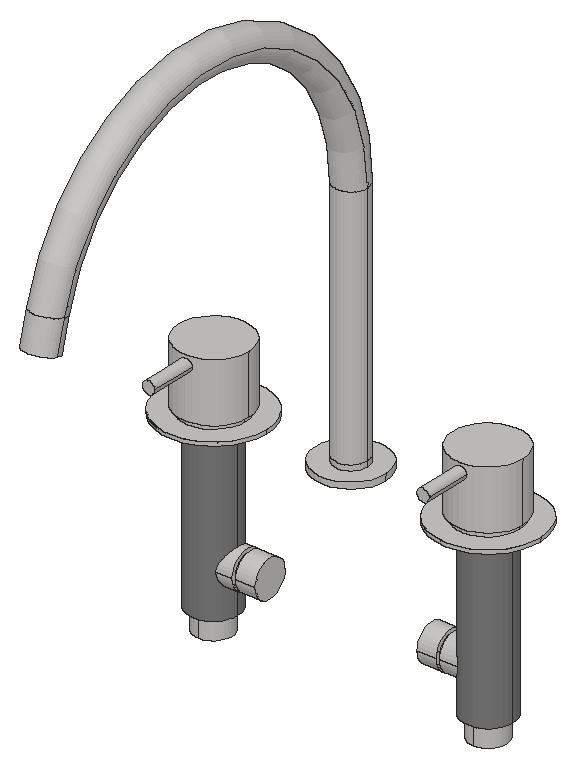
Revit family "KV15", category Generic Models, Revit 2021
Family settings
  Can host rebar = No
  Round Connector Dimension = Use Diameter
  Part Type = Normal
  Work Plane-Based = No
  Always vertical = Yes
  Cut with Voids When Loaded = No
  Shared = No
  Room Calculation Point = No
Parameters (values of type "Standard")
  e-mail = "info@vola.com"
  URL = "http://vola.com"
  Telephone = "+45 7023 5500"
  Quality management standard = "ISO 9001"
  Organisation no. / DUNS no. = "17531328"
  Occupational health and safety management standard = "ISO 18001"
  Mounting Instructions = "http://vola.com/service/producturl.ashx?name=KV15"
  Model = "KV15"
  Materials and components information = "http://vola.com/service/producturl.ashx?name=KV15"
  Manufacturer = "VOLA A/S"
  Maintenance Instructions = "http://vola.com/service/producturl.ashx?name=KV15"
  Guarantee = "2 years"
  Flow = "9,00 l/min"
  Environmental management standard = "ISO 14000"
  Default Elevation = 0.00 mm
  Connection - All relevant connections = "½\" for water connection"
  Approvals = "http://vola.com/service/producturl.ashx?name=KV15"
Reference planes
  plane 1 "Center (Front/Back)": y = 0
  plane 2: z = 0
  plane 3 "Center (Left/Right)": x = 0
Dimensions and locks
  aligned and locked: plane 2 to level
Nested families
  nested 1: "090H" at (0, 0, 0), type "090H"
  nested 2: "S50" at (78, 0, 0), type "S50"
  nested 3: "S50" at (-78, 0, 0) x (-1, 0, 0) z (0, 0, 1), type "S50"
  nested 4: "001" at (-78, 0, 0), type "001"
  nested 5: "001" at (78, 0, 0), type "001"
Connectors
  piping at (78, 0, -110), diameter 20.9
    settings: on nested 2, index 1, connector inside diameter 0.82283", connector length 0.00 mm, flow factor 0, pipe flow 0 GPM, pressure drop 0.00 psi, fitting loss kfactor 0, connector angle 0.00°, fixture units 0, engagement length 0.00 mm, angle of deflection 0.00°, flow configuration 0, flow direction 1, fitting loss method 0, system type 20, joint type 0, gender type 0, connector reference index -1, connector utility 0, adjustable connector no, is connector primary yes, connector description ""
  piping at (-78, 0, -110), diameter 20.9
    settings: on nested 3, index 2, connector inside diameter 0.82283", connector length 0.00 mm, flow factor 0, pipe flow 0 GPM, pressure drop 0.00 psi, fitting loss kfactor 0, connector angle 0.00°, fixture units 0, engagement length 0.00 mm, angle of deflection 0.00°, flow configuration 0, flow direction 1, fitting loss method 0, system type 19, joint type 0, gender type 0, connector reference index -1, connector utility 0, adjustable connector no, is connector primary no, connector description ""
Definition of nested family "090H"
  Parameters
    e-mail = "info@vola.com"
    URL = "http://vola.com"
    Telephone = "+45 7023 5500"
    Quality management standard = "ISO 9001"
    Organisation no. / DUNS no. = "17531328"
    Occupational health and safety management standard = "ISO 18001"
    Mounting Instructions = "http://vola.com/service/producturl.ashx?name=090H"
    Model = "090H"
    Materials and components information = "http://vola.com/service/producturl.ashx?name=090H"
    Manufacturer = "VOLA A/S"
    Maintenance Instructions = "http://vola.com/service/producturl.ashx?name=090H"
    Guarantee = "2 years"
    Environmental management standard = "ISO 14000"
    Default Elevation = 0.00 mm
    Connection - All relevant connections = ""
    Approvals = "http://vola.com/service/producturl.ashx?name=090H"
  Reference planes
    plane 1 "Center (Front/Back)": y = 0
    plane 2: z = 0
    plane 3 "Center (Left/Right)": x = 0
  Forms (mm)
    Sweep 1, solid
      path origin (0, 0, 0) x (0, 1, 0) y (0, 0, 1)
        loop
          arc (-215.269, 173.841) -> (-95.207, 254.063) -> (0, 145.5) r 109.5
          line (0, 145.5) -> (0, 6.5)
      profile origin (0, 0, 76) x (1, 0, 0) y (0, 1, 0)
        loop
          circle (0, 0) r 9.5
    Extrusion 2, solid
      sketch origin (0, 0, 0) x (1, 0, 0) y (0, 1, 0)
        loop
          circle (0, 0) r 20
      from 0 to 3.5
    Extrusion 3, solid
      sketch origin (0, 0, 3.5) x (1, 0, 0) y (0, 1, 0)
        loop
          circle (0, 0) r 9.5
      from 0 to 3
    Extrusion 4, solid
      sketch origin (0, -215.269, 173.841) x (0, 0.965926, -0.258819) y (1, 0, 0)
        loop
          circle (0, 0) r 9.5
      from 0 to 18.5
  Cuts and joins
    joined: Sweep 1, Extrusion 2
  Dimensions and locks
    aligned and locked: plane 2 to level
Definition of nested family "S50"
  Parameters
    e-mail = "info@vola.com"
    URL = "http://vola.com"
    Telephone = "+45 7023 5500"
    Quality management standard = "ISO 9001"
    Organisation no. / DUNS no. = "17531328"
    Occupational health and safety management standard = "ISO 18001"
    Mounting Instructions = "http://vola.com/service/producturl.ashx?name=S50"
    Model = "S50"
    Materials and components information = "http://vola.com/service/producturl.ashx?name=S50"
    Manufacturer = "VOLA A/S"
    Maintenance Instructions = "http://vola.com/service/producturl.ashx?name=S50"
    Guarantee = "2 years"
    Flow = "32,00 l/min"
    Environmental management standard = "ISO 14000"
    Default Elevation = 0.00 mm
    Connection - All relevant connections = "½\" for water connection"
    Approvals = "http://vola.com/service/producturl.ashx?name=S50"
  Reference planes
    plane 1 "Center (Front/Back)": y = 0
    plane 2: z = 0
    plane 3 "Center (Left/Right)": x = 0
  Forms (mm)
    Extrusion 1, solid
      sketch origin (0, 0, 2) x (1, 0, 0) y (0, 1, 0)
        loop
          circle (0, 0) r 18
      from 0 to 3
    Extrusion 2, solid
      sketch origin (0, 0, 5) x (1, 0, 0) y (0, 1, 0)
        loop
          circle (0, 0) r 20
      from 0 to 33.5
    Extrusion 3, solid
      sketch origin (0, 0, -1.25) x (1, 0, 0) y (0, 0, 1)
        loop
          circle (0, 34.5) r 3.5
      from 0 to 46
    Extrusion 4, solid
      sketch origin (0, 0, 0) x (1, 0, 0) y (0, 1, 0)
        loop
          circle (0, 0) r 14
      from 2 to -98
    Extrusion 5, solid
      sketch origin (0, 0, -98) x (0, 1, 0) y (1, 0, 0)
        loop
          circle (0, 0) r 9
      from 0 to 2
    Extrusion 6, solid
      sketch origin (0, 0, -100) x (-1, 0, 0) y (0, 1, 0)
        loop
          circle (0, 0) r 10.45
      from 10 to 0
    Extrusion 7, solid
      sketch origin (0, 0, 25) x (0, 1, 0) y (0, 0, 1)
        loop
          circle (0, -98) r 10.5
      from -19 to 0
    Extrusion 8, solid
      sketch origin (-19, 0, 25) x (0, -1, 0) y (0, 0, 1)
        loop
          circle (0, -98) r 9
      from 2 to 0
    Extrusion 9, solid
      sketch origin (-21, 0, 25) x (0, -1, 0) y (0, 0, 1)
        loop
          circle (0, -98) r 10.45
      from 11 to 0
    Extrusion 10, void
      sketch origin (0, 0, -98) x (1, 0, 0) y (0, 1, 0)
        loop
          circle (0, 0) r 14
      from 41.193 to 9.651
  Cuts and joins
    joined: Extrusion 2, Extrusion 3
    Extrusion 10 cuts Extrusion 5
    Extrusion 10 cuts Extrusion 7
  Lines and regions (mm)
    reference lines
      curve 1: line (0, 0, -110) -> (0, 0, -140)
      curve 2: line (-32, 0, -73) -> (-62, 0, -73)
    model lines
      curve 3: line (6.05, 19.063, 38.5) -> (6.05, -19.063, 38.5)
      curve 4: line (-6.05, -19.063, 38.5) -> (-6.05, 19.063, 38.5)
  Dimensions and locks
    aligned and locked: plane 2 to level
Definition of nested family "001"
  Parameters
    e-mail = "info@vola.com"
    URL = "http://vola.com"
    Telephone = "+45 7023 5500"
    Quality management standard = "ISO 9001"
    Organisation no. / DUNS no. = "17531328"
    Occupational health and safety management standard = "ISO 18001"
    Mounting Instructions = "http://vola.com/service/producturl.ashx?name=001"
    Model = "001"
    Materials and components information = "http://vola.com/service/producturl.ashx?name=001"
    Manufacturer = "VOLA A/S"
    Maintenance Instructions = "http://vola.com/service/producturl.ashx?name=001"
    Guarantee = "2 years"
    Environmental management standard = "ISO 14000"
    Default Elevation = 1219.20 mm
    Connection - All relevant connections = ""
    Approvals = "http://vola.com/service/producturl.ashx?name=001"
  Reference planes
    plane 1 "Center (Front/Back)": y = 0
    plane 2: z = 0
    plane 3 "Center (Left/Right)": x = 0
  Forms (mm)
    Extrusion 1, solid
      sketch origin (0, 0, 0) x (1, 0, 0) y (0, 1, 0)
        loop
          circle (0, 0) r 16.5
        loop
          circle (0, 0) r 30
      from 0 to 2
  Dimensions and locks
    aligned and locked: plane 2 to level
